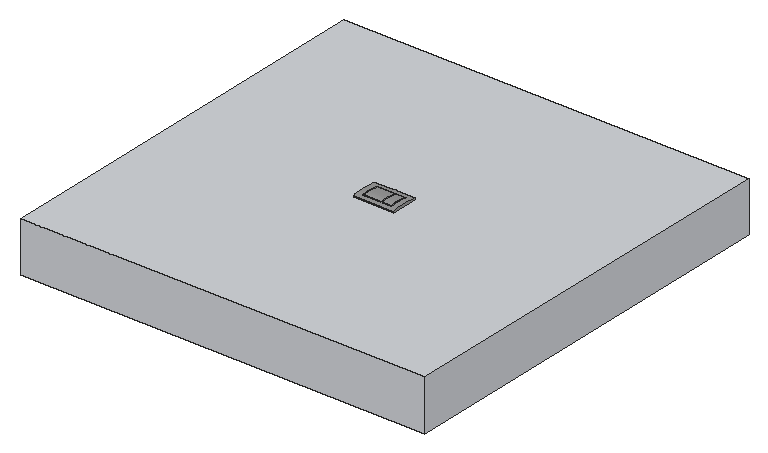
Revit family "IS_Septa_R0127_BIM_DE", category Plumbing Fixtures, host Face, Revit 2017
Family settings
  Host = Face
  Round Connector Dimension = Use Diameter
  Part Type = Normal
  OmniClass Number = 23.45.05.21.11.11
  OmniClass Title = Water Operated Water Closets
  Cut with Voids When Loaded = No
  Shared = Yes
  Room Calculation Point = No
Parameters (values of type "R0127MY - SEPTA PRO M1 S/STEEL - IS")
  Wisselstukken = "n/a"
  Werkdruk = "n/a"
  WaterEfficientProduct = no
  WaarborgGarantieInstallatie = "n/a"
  WRAS = no
  WFU = 0
  Vorm = "n/a"
  Volumeunits = "Litres"
  Verwachtelevensduur = "5"
  Vervangingskosten = 0
  Versie = "1"
  ValutaEenheid = "n/a"
  Urlproducent = "https://www.idealstandard.de/de/products"
  UrinoirType = "n/a"
  Uniclass2015Referentie = "Pr_40_20_93"
  Uniclass2015Reference = "n/a"
  Uniclass2015Description = "Urinal and WC fittings"
  Uniclass2015Beschrijving = "n/a"
  Uniclass2 = "Pr_40_20_93_89"
  URL = "https://www.idealstandard.de/de/products"
  Typewastafel = "n/a"
  TypespoelingWC = "n/a"
  Typekraanwerk = "n/a"
  Typeconnectie = "n/a"
  Typebad = "n/a"
  TypeWC = "n/a"
  Type Comments = "n/a"
  Toepassing = ""
  Testdruk = "n/a"
  Telefoonnummer = "+49 (0) 6571 16 0"
  Sluitingspatroon = "n/a"
  Revision = "n/a"
  Revisie = "n/a"
  Referentie = ""
  Productinformatie = "https://www.idealstandard.de/profibereich"
  ProductSoort = ""
  Overloop = 0 mm
  OppervlakteEenheid = "mm"
  OppervlakteAfmeting = "n/a"
  Ophangingwastafel = "n/a"
  Normen = "n/a"
  Nettogewicht = 1.0224
  NBSTypeID = "n/a"
  NBSReference = "45-30-70/387"
  NBSOfficeMasterTag = "n/a"
  NBSNote = "n/a"
  NBSDescription = "WC cistern fittings"
  NBSCertification = "n/a"
  Montageinstuctie = "https://www.idealstandard.de/profibereich"
  Model = "R0127MY"
  Merk = "Ideal Standard"
  MateriaalWC = "n/a"
  MateriaalUrinoir = "n/a"
  Materiaal = "Metal"
  Manufacturer = "Productinfo@thebluebook.co.uk"
  Lengte = 0 mm
  Kwaliteitsgraad = "n/a"
  Kleurwc = "n/a"
  KleurUrinoir = "n/a"
  Kleur = "Chrome"
  Klepmechanisme = "n/a"
  Keynote = "n/a"
  Installatieinstructies = "https://www.idealstandard.de/profibereich"
  Hulp = "https://www.idealstandard.de/unternehmen"
  Hoogte = ""
  Heefthandvaten = no
  HWFU = 0
  GrootteAfvoergat = 0
  GemaaktOp = "n/a"
  Garantieunits = "Year"
  Garantieonderdelen = "n/a"
  GarantieduurInstallatie = "n/a"
  Functiekraanwerk = "n/a"
  Functieindoucheruimte = "n/a"
  Flush Plate Material = Stainless Steel, Brushed
  Eigenschappen = "n/a"
  ECA = no
  Duurzaamheid = "n/a"
  DuurEenheid = "year"
  Douchebak = no
  Doorstromingscoëfficiënt = "n/a"
  Distributeur = "n/a"
  DikteMateriaal = "n/a"
  Diepte = 0 mm
  Description = "AntiVandal plate, CP - DF"
  Default Elevation = 900 mm
  Debiet = ""
  Cost = 0
  CWFU = 0
  BrutoGewicht = 0
  Breedte = 0
  BimObjectNaam = "IS_Ideal Standard_WC cistern fittings_Septa_R0127MY"
  Bestanddelen = "n/a"
  Beschrijvinggarantie = "Manufacturers Warranty"
  Beschrijvingdouchekop = "n/a"
  BeschrijvingBovenkantKraan = "n/a"
  Bedieningkraanwerk = "n/a"
  Bedieningkraan = "n/a"
  Barrièrevrijwonen = "n/a"
  Barcode = "3391500580510"
  BREEAMApproved = no
  Auteur = "Ideal Standrad"
  Assembly Code = "C1030200"
  Artikelreferentie = "1"
  Artikelomschrijving = "Betätigungsplatte M2 SEPTA PRO, mechanischen Auslösung, Stahl gebürstet"
  Artikelnummer = "R0127MY"
  Afwerking = "Chrome"
  AfstandsEenheid = "millimeters"
  AfsluitNiveau = "n/a"
  Afmetingen = "243 x 18 x 163mm"
  AccessibilityPerformance = "n/a"
  Accesoires = ""
Reference planes
  plane 1 "Center (Front/Back)": y = 0
  plane 2: z = 0
  plane 3 "Center (Left/Right)": x = 0
  plane 4: y = 0
  plane 5: z = 0
Forms (mm)
  Extrusion 1, solid
    sketch origin (0, 0, 0) x (1, 0, 0) y (0, 1, 0)
      loop
        line (-1219.2, 1219.2) -> (-1219.2, -1219.2) -> (1219.2, -1219.2) -> (1219.2, 1219.2) -> (-1219.2, 1219.2)
    from 0 to -304.8
  Extrusion 2, solid, material "Stainless Steel, Brushed" <- "Flush Plate Material", detail levels medium+fine
    sketch origin (-121.611, 0, -30.48) x (0, -1, 0) y (0, 0, 1)
      loop
        line (-81.5, 30.48) -> (81.5, 30.48) -> (81.172, 39.865)
        spline (81.172, 39.865) -> (57.068, 42.26) -> (45.025, 43.168) -> (33.831, 43.786) -> (21.39, 44.318) -> (8.99, 44.597) -> (-3.021, 44.572) -> (-15.113, 44.289) -> (-27.76, 43.796) -> (-40.943, 43.12) -> (-54.211, 42.265) -> (-67.335, 41.215) -> (-81.172, 39.865)
        line (-81.172, 39.865) -> (-81.5, 30.48)
    from 0 to -243
  Extrusion 3, solid, material "Stainless Steel, Brushed" <- "Flush Plate Material", detail levels medium+fine
    sketch origin (-84.561, 51.054, -30.48) x (0, -1, 0) y (0, 0, 1)
      loop
        spline (98.042, 43.055) -> (85.719, 46.709) -> (77.517, 48.015) -> (71.804, 48.389) -> (65.266, 48.421) -> (57.398, 48.195) -> (49.204, 47.794) -> (40.613, 47.19) -> (31.377, 46.338) -> (22.371, 45.34) -> (14.831, 44.359) -> (7.739, 43.447) -> (-3.443, 42.345)
        line (-3.443, 42.345) -> (-3.443, 30.48) -> (102.505, 30.48) -> (102.505, 42.73) -> (98.042, 43.055)
    from 0 to -168.874
  Extrusion 4, void
    sketch origin (-1524.111, 0, 0) x (0, 1, 0) y (1, 0, 0)
      loop
        line (55.521, 1438.472) -> (55.521, 1609.528) -> (-52.59, 1609.528) -> (-52.59, 1438.472) -> (55.521, 1438.472)
      loop
        line (54.497, 1439.55) -> (54.497, 1608.448) -> (-51.45, 1608.448) -> (-51.45, 1439.55) -> (54.497, 1439.55)
    from 0 to -19.656
  Extrusion 5, solid, material "Stainless Steel, Brushed" <- "Flush Plate Material", detail levels coarse
    sketch origin (121.389, 0, -30.48) x (0, -1, 0) y (0, 0, 1)
      loop
        line (-81.5, 30.48) -> (81.5, 30.48) -> (81.5, 48.519) -> (-81.5, 48.519) -> (-81.5, 30.48)
    from 0 to 243
  Extrusion 6, void
    sketch origin (0, 0, 0) x (0, 1, 0) y (1, 0, 0)
      loop
        line (54.497, 26.981) -> (-52.59, 26.981) -> (-52.59, 25.612) -> (54.497, 25.612) -> (54.497, 26.981)
    from 0 to -26.748
Cuts and joins
  Extrusion 4, Extrusion 6 cuts Extrusion 2
  Extrusion 6 cuts Extrusion 3
  Extrusion 6 cuts Extrusion 5
Dimensions and locks
  Extrusion 5 to Extrusion 1 = 18.039 mm
  Extrusion 5 to Extrusion 5 = 243 mm
  Extrusion 5 to Extrusion 5 = 163 mm
  aligned and locked: plane 2 to Extrusion 1
  aligned and locked: level to Extrusion 1
